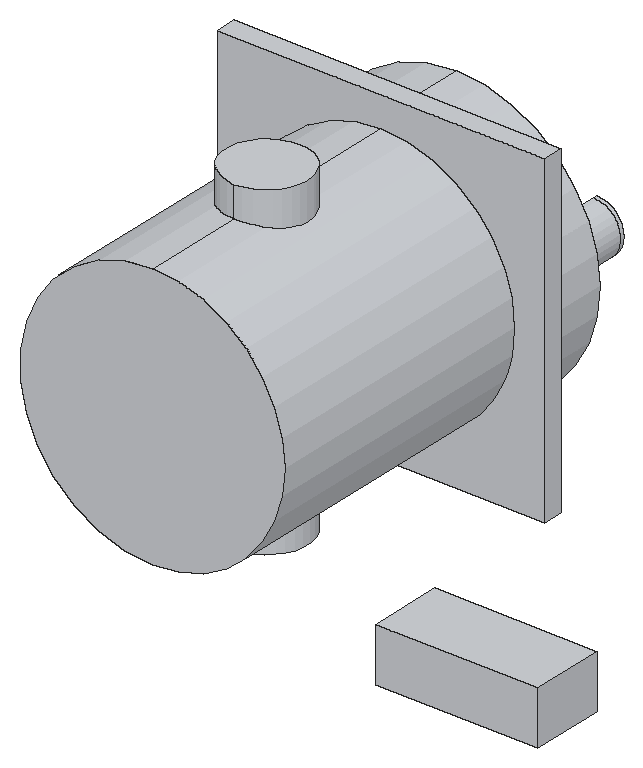
Revit family "BM_Schluesselschalter_V1700", category Brandmelder, Revit 2017
Family settings
  Beschriftungsausrichtung beibehalten = Nein
  Bemaßung runder Anschluss = Durchmesser verwenden
  Teiletyp = Normal
  OmniClass-Nummer = 23.85.30.21.11.17
  OmniClass-Titel = Other Components
  Arbeitsebenenbasiert = Nein
  Immer vertikal = Ja
  Beim Laden mit Abzugskörper schneiden = Nein
  Gemeinsam genutzt = Nein
  Raumberechnungspunkt = Nein
Parameters (values of type "Schlüsselschalter (RWA)")
  pbr_Material_KZ = ""
  pbr_Material = none
  pbr_E_Typ = ""
  pbr_E_KZ = ""
  pbr_DINBild = 0
  pbr_Bild = 0
  pbr_3Dx_Delta_Korrekturversatz [instance] = 0 mm
  pbr_3DX_Versatzfaktor [instance] = 0
  pbr_2DY_Versatzfaktor [instance] = 0
  pbr_2DX_Versatzfaktor [instance] = 0
  lfd_STRK [instance] = 0
  Zentrale [instance] = ""
  Winkel [instance] = 0.00°
  Typ [instance] = ""
  Text3 [instance] = ""
  Text2 [instance] = ""
  Text1 [instance] = ""
  Spannung [instance] = 0
  Scheinleistung [instance] = 0 VA
  Polig [instance] = 1
  Planungsbüro Osnabrück = "www.pbr.de"
  Netzart = ""
  Nennstrom [instance] = 0
  Menge (Dosenzahl) [instance] = 1
  Loop [instance] = ""
  Linie/Anschluss [instance] = ""
  Leistungsfaktor [instance] = 0
  Lastklassifizierung = none
  Installationsart = ""
  Info [instance] = ""
  Gewerk [instance] = "RWA"
  Eckversatz [instance] = 0 mm
  YFrontversatz [instance] = if(pbr_2DY_Versatzfaktor = 300, 0 mm, pbr_2DY_Versatzfaktor * 300 mm)  # 0 mm
  XSeitenversatz [instance] = if(pbr_2DX_Versatzfaktor = 0, 3000 mm, 3000 mm + (pbr_2DX_Versatzfaktor * 300 mm)) + Eckversatz  # 3000 mm
  X3Dversatz [instance] = if([3DX_Versatzkontrolle] = 0, 2000 mm, 2000 mm + ([3DX_Versatzkontrolle] * (300 mm - Breite))) + pbr_3Dx_Delta_Korrekturversatz  # 2000 mm
  R_Leerrohranschluss = 10 mm
  Niveau [instance] = 1200 mm
  Dosentiefe = 70 mm  # constant formula
  Dosenradius = 65 mm / 2  # 32.5 mm
  D_Leerrohranschluss = 2 * R_Leerrohranschluss  # 20 mm
  Bus [instance] = ""
  Breite [instance] = 80 mm
  Betriebsstrom ruhe [instance] = 0
  Betriebsstrom max [instance] = 0
  3Polig_darstellen = yes
  3DX_Versatzkontrolle [instance] = if(pbr_3DX_Versatzfaktor = 0, (pbr_2DX_Versatzfaktor * -1), (((-1 * pbr_3DX_Versatzfaktor) + pbr_2DX_Versatzfaktor) * -1))  # 0
  2Polig_darstellen = yes
  Platzierrahmen [instance] = no
Reference planes
  plane 1 "Mitte (Vorne/Hinten)": y = 0
  plane 2: z = 0
  plane 3 "Mitte (Links/Rechts)": x = 0
  plane 4: x = -125
  plane 5: x = 125
  plane 6: y = 300
  plane 7 "Schalterhinten": y = 0
  plane 8: x = -3000
  plane 9: x = 0
  plane 10: x = -2000
  plane 11: x = -40
  plane 12: x = 40
  plane 13: z = 1240
  plane 14: z = 1160
  plane 15 "SchalterVorne": y = 5
  plane 16 "3DSchalterMitte": x = 0
  plane 17: z = 1200
  plane 18: y = -70
  plane 19: y = -35
  plane 20: x = 61.564
Forms (mm)
  Extrusion 1, solid
    sketch origin (0, 0, 0) x (-1, 0, 0) y (0, 0, 1)
      loop
        line (40, 1160) -> (40, 1240) -> (-40, 1240) -> (-40, 1160) -> (40, 1160)
    from 5 to 0
  Sweep 2, solid
    path origin (0, 0, 0) x (0, 0, 1) y (0, -1, 0)
      loop
        line (1200, 0) -> (1200, 70)
    profile origin (0, -35, 1200) x (0, 0, -1) y (1, 0, 0)
      loop
        circle (0, 0) r 32.5
  Sweep 3, solid
    path origin (0, 0, 0) x (0, 0, 1) y (0, -1, 0)
      loop
        line (1160, 35) -> (1240, 35)
    profile origin (0, -35, 1200) x (0, -1, 0) y (1, 0, 0)
      loop
        circle (0, 0) r 10
  Extrusion 4, solid
    sketch origin (1395, 5, 1100) x (0, 0, 1) y (1, 0, 0)
      loop
        circle (100, -1395) r 35
    from 0 to 18.02
  Extrusion 5, void
    sketch origin (-1090, 5, 0) x (0, 0, 1) y (-1, 0, 0)
      loop
        circle (1200, -1090) r 35
    from 0 to -18.02
  Extrusion 6, solid
    sketch origin (1016.182, 23.12, 1496.771) x (1, 0, 0) y (0, 1, 0)
      loop
        line (-996.339, -0.1) -> (-996.339, 18.02) -> (-1036.025, 18.02) -> (-1036.025, -0.1) -> (-996.339, -0.1)
    from -403.386 to -390.157
  Extrusion 7, solid
    sketch origin (1070.157, 41.14, 1093.386) x (0, 0, 1) y (1, 0, 0)
      loop
        arc (100, -1090) -> (106.614, -1096.614) -> (113.229, -1090) r 6.614
        line (113.229, -1090) -> (106.614, -1090) -> (100, -1090)
    from -1 to 0
  Extrusion 8, solid
    sketch origin (1109.843, 23.12, 1106.614) x (0, 0, 1) y (1, 0, 0)
      loop
        arc (100, -1090) -> (93.386, -1083.386) -> (86.771, -1090) r 6.614
        line (86.771, -1090) -> (87.571, -1090)
        arc (87.571, -1090) -> (93.386, -1084.186) -> (99.2, -1090) r 5.814
        line (99.2, -1090) -> (100, -1090)
    from -0.1 to 17.02
  Extrusion 9, solid
    sketch origin (1070.157, 23.12, 1093.386) x (0, 0, 1) y (1, 0, 0)
      loop
        arc (100, -1090) -> (106.614, -1096.614) -> (113.229, -1090) r 6.614
        line (113.229, -1090) -> (112.429, -1090)
        arc (112.429, -1090) -> (106.614, -1095.814) -> (100.8, -1090) r 5.814
        line (100.8, -1090) -> (100, -1090)
    from -0.1 to 17.02
  Extrusion 10, solid
    sketch origin (1449.843, 41.14, 293.386) x (0, 0, 1) y (1, 0, 0)
      loop
        line (900, -1430) -> (906.614, -1430) -> (913.229, -1430)
        arc (913.229, -1430) -> (906.614, -1423.386) -> (900, -1430) r 6.614
    from -1 to 0
Cuts and joins
  joined: Extrusion 1, Sweep 2, Sweep 3, Extrusion 4, Extrusion 6, Extrusion 7, Extrusion 8, Extrusion 9, Extrusion 10
Lines and regions (mm)
  model lines, visible <- "Platzierrahmen"
    curve 1: line (-125, 0, 0) -> (125, 0, 0)
    curve 2: line (-125, 300, 0) -> (-125, 0, 0)
    curve 3: line (125, 300, 0) -> (-125, 300, 0)
    curve 4: line (125, 0, 0) -> (125, 300, 0)
Dimensions and locks
  plane 4 to plane 5 = 250 mm
  plane 6 to plane 7 "Schalterhinten" = 300 mm
  equal spacing: plane 4, plane 9, plane 5, locked at 125 each
  "XSeitenversatz": plane 8 to plane 9
  plane 8 to plane 3 "Mitte (Links/Rechts)" = 3000 mm
  "YFrontversatz": plane 1 "Mitte (Vorne/Hinten)" to plane 7 "Schalterhinten"
  plane 12 to plane 11 = 80 mm
  plane 13 to plane 14 = 80 mm
  plane 9 to plane 10 = 2000 mm
  equal spacing: plane 12, plane 16 "3DSchalterMitte", plane 11
  "X3Dversatz": plane 16 "3DSchalterMitte" to plane 10
  equal spacing: plane 13, plane 17, plane 14
  "Niveau": plane 17 to level
  "Dosentiefe": plane 1 "Mitte (Vorne/Hinten)" to plane 18
  plane 15 "SchalterVorne" to plane 1 "Mitte (Vorne/Hinten)" = 5 mm
  equal spacing: plane 18, plane 19, plane 1 "Mitte (Vorne/Hinten)"
  plane 9 to plane 20 = 61.564 mm
  "Breite": cut or joined group 1 (Extrusion 1, Sweep 2, Sweep 3, Extrusion 4, Extrusion 6, Extrusion 7, Extrusion 8, Extrusion 9, Extrusion 10) to cut or joined group 1
  "Dosenradius": radius of Sweep 2 sketch curve
  "R_Leerrohranschluss": radius of Sweep 3 sketch curve
  aligned and locked: level to plane 2
  aligned and locked: curve 1 to plane 7 "Schalterhinten"
  aligned and locked: curve 2 to plane 4
  aligned and locked: plane 6 to curve 3
  aligned and locked: plane 5 to curve 4
  aligned and locked: plane 14 to Extrusion 1 sketch curve
  aligned and locked: Extrusion 1 sketch curve to plane 11
  aligned and locked: Extrusion 1 sketch curve to plane 13
  aligned and locked: plane 12 to Extrusion 1 sketch curve
  aligned and locked: Extrusion 1 to plane 1 "Mitte (Vorne/Hinten)"
  aligned and locked: Extrusion 1 to plane 15 "SchalterVorne"
  aligned and locked: Extrusion 5 to Extrusion 1
  aligned and locked: Extrusion 4 to Extrusion 5
  aligned and locked: Extrusion 8 to Extrusion 4
  aligned and locked: Extrusion 9 to Extrusion 7
  aligned and locked: Extrusion 4 to Extrusion 1
  aligned and locked: cut or joined group 1 to cut or joined group 1  (x4)
  aligned and locked: cut or joined group 1 to Extrusion 5
  aligned and locked: plane 16 "3DSchalterMitte" to Extrusion 5
  aligned and locked: plane 16 "3DSchalterMitte" to cut or joined group 1
  aligned and locked: nested 1 to plane 7 "Schalterhinten"
  aligned and locked: nested 1 to plane 9
Automatic sketch dimensions
  Sweep 2 sketch curve to plane 17 = 0 mm
  Sweep 2 sketch curve to plane 1 "Mitte (Vorne/Hinten)" = 0 mm
  Sweep 2 sketch curve to plane 18 = 0 mm
  Sweep 2 sketch curve to plane 16 "3DSchalterMitte" = 0 mm
  Sweep 2 sketch curve to profile plane = 0 mm
  Sweep 3 sketch curve to plane 14 = 0 mm
  plane 13 to Sweep 3 sketch curve = 0 mm
  Sweep 3 sketch curve to plane 19 = 0 mm
  Sweep 3 sketch curve to plane 16 "3DSchalterMitte" = 0 mm
  Sweep 3 sketch curve to profile plane = 0 mm
  Extrusion 10 sketch curve to Extrusion 10 sketch curve = 6.614 mm
  Extrusion 4 sketch curve to Extrusion 4 sketch curve = 35 mm
  Extrusion 5 sketch curve to Extrusion 5 sketch curve = 35 mm
  Extrusion 6 sketch curve to Extrusion 6 sketch curve = 39.686 mm
  Extrusion 6 sketch curve to Extrusion 6 sketch curve = 18.12 mm
  Extrusion 7 sketch curve to Extrusion 7 sketch curve = 6.614 mm
  Extrusion 7 sketch curve to Extrusion 7 sketch curve = 0 mm
  Extrusion 8 sketch curve to Extrusion 8 sketch curve = 0 mm  (x3)
  Extrusion 8 sketch curve to Extrusion 8 sketch curve = 0.8 mm
  Extrusion 8 sketch curve to Extrusion 8 sketch curve = 5.814 mm
  Extrusion 9 sketch curve to Extrusion 9 sketch curve = 0 mm  (x3)
  Extrusion 9 sketch curve to Extrusion 9 sketch curve = 0.8 mm
  Extrusion 9 sketch curve to Extrusion 9 sketch curve = 5.814 mm
  Extrusion 10 sketch curve to Extrusion 10 sketch curve = 0 mm
  Extrusion 4 sketch curve to Extrusion 4 sketch curve = 0 mm  (x2)
  Extrusion 4 sketch curve to plane 17 = 0 mm
  Extrusion 4 sketch curve to plane 12 = 40 mm
  Extrusion 5 sketch curve to Extrusion 5 sketch curve = 0 mm  (x2)
  Extrusion 5 sketch curve to plane 17 = 0 mm
  Extrusion 5 sketch curve to plane 12 = 40 mm
  Extrusion 6 sketch curve to plane 15 "SchalterVorne" = 18.02 mm
  Extrusion 6 sketch curve to plane 12 = 59.843 mm
  Extrusion 7 sketch curve to plane 17 = 0 mm
  Extrusion 7 sketch curve to plane 12 = 59.843 mm
  Extrusion 8 sketch curve to plane 17 = 0 mm
  Extrusion 8 sketch curve to plane 12 = 20.157 mm
  Extrusion 9 sketch curve to plane 17 = 0 mm
  Extrusion 9 sketch curve to plane 12 = 59.843 mm
  Extrusion 10 sketch curve to plane 17 = 0 mm
  Extrusion 10 sketch curve to plane 12 = 20.157 mm
Nested families
  nested 1: "Schlüsselschalter RWA" at (0, 0, 0), type "Schlüsselschalter RWA"
Connectors
  electrical at (0, -35, 1240)
    settings: on cut or joined group 1, index 1, voltage 230 V, apparent load 0 VA, apparent load phase1 0 VA, apparent load phase2 0 VA, apparent load phase3 0 VA, power factor 1, load classification "Standard", number of poles 1, system type 11, power factor state 1, is connector primary yes, connector utility no, sub classification motor no, connector description ""
  cabletrayconduit at (0, -35, 1240), diameter 20
    settings: on cut or joined group 1, index 2, connector width 300 mm, connector height 300 mm, connector angle 0.00°, system type 32, placement type 0, profile type 0, connector reference index -1, is primary connector yes, connector utility param no, connector description ""
  cabletrayconduit at (0, -35, 1160), diameter 20
    settings: on cut or joined group 1, index 3, connector width 300 mm, connector height 300 mm, connector angle 0.00°, system type 32, placement type 0, profile type 0, connector reference index -1, is primary connector no, connector utility param no, connector description ""
Definition of nested family "Schlüsselschalter RWA"
  Parameters (values of type "Schlüsselschalter RWA")
    W = yes
    R = yes
    A = yes
  Reference planes
    plane 1 "Mitte (Vorne/Hinten)": y = 0
    plane 2: z = 0
    plane 3 "Mitte (Links/Rechts)": x = 0
  Lines and regions (mm)
    Filled region 1, type "Beton", in view "Referenzebene", visible <- "R"
      outline origin (-530.786, -942.626, 0) x (1, 0, 0) y (0, 1, 0)
        loop
          line (713.794, 1100.728) -> (713.794, 1041.738) -> (778.794, 1041.738)
          arc (778.794, 1041.738) -> (808.289, 1071.233) -> (778.794, 1100.728) r 29.495
          line (778.794, 1100.728) -> (713.794, 1100.728)
        loop
          line (690.435, 1120.011) -> (690.435, 942.626) -> (713.812, 942.626) -> (713.812, 1021.355) -> (743.347, 1021.355)
          spline (743.347, 1021.355) -> (751.614, 1020.86) -> (756.113, 1019.813) -> (759.33, 1018.707) -> (762.096, 1017.398) -> (764.706, 1015.734) -> (767.134, 1013.913) -> (769.382, 1012.01) -> (771.552, 1009.882) -> (773.807, 1007.385) -> (776.374, 1004.38) -> (779.743, 1000.215) -> (784.766, 993.509)
          line (784.766, 993.509) -> (816.561, 942.626) -> (846.561, 942.626) -> (821.191, 983.227)
          spline (821.191, 983.227) -> (816.586, 989.79) -> (812.548, 995.47) -> (808.977, 1000.333) -> (805.775, 1004.443) -> (802.869, 1007.863) -> (800.322, 1010.622) -> (798.247, 1012.742) -> (796.706, 1014.271) -> (795.338, 1015.488) -> (793.55, 1016.814) -> (790.594, 1018.833) -> (782.879, 1023.344)
          arc (782.879, 1023.344) -> (831.213, 1071.678) -> (782.879, 1120.011) r 48.334
          line (782.879, 1120.011) -> (690.435, 1120.011)
    Filled region 2, type "Beton", in view "Referenzebene", visible <- "W"
      outline origin (-1191.03, -942.705, 0) x (1, 0, 0) y (0, 1, 0)
        loop
          line (1503.078, 1120.011) -> (1550.609, 942.626) -> (1575.609, 942.626) -> (1617.02, 1097.174) -> (1660.016, 942.626) -> (1682.628, 942.626) -> (1731.515, 1120.011) -> (1707.699, 1120.011) -> (1670.925, 967.348) -> (1631.736, 1120.011) -> (1602.624, 1120.011) -> (1561.76, 967.501) -> (1527.253, 1120.011) -> (1503.078, 1120.011)
    Filled region 3, type "Beton", in view "Referenzebene", visible <- "A"
      outline origin (2630.838, -942.626, 0) x (1, 0, 0) y (0, 1, 0)
        loop
          line (-2102.291, 942.626) -> (-2077.464, 942.626) -> (-2057.901, 996.376) -> (-1983.637, 996.376) -> (-1962.821, 942.626) -> (-1936.216, 942.626) -> (-2008.949, 1120.011) -> (-2033.949, 1120.011) -> (-2102.291, 942.626)
        loop
          line (-2051.01, 1015.307) -> (-1990.968, 1015.307) -> (-2022.201, 1101.118) -> (-2051.01, 1015.307)
    detail lines, in view "Referenzebene"
      curve 1: arc (-259.671, 177.366, 0) -> (-282.021, 261.423, 0) -> (-304.372, 177.366, 0) r 45
      curve 2: line (147.934, 0, 0) -> (147.934, 300, 0)
      curve 3: line (147.934, 300, 0) -> (-152.066, 300, 0)
      curve 4: line (-152.066, 300, 0) -> (-152.066, 0, 0)
      curve 5: line (-152.066, 0, 0) -> (147.934, 0, 0)
      curve 6: line (-304.372, 177.366, 0) -> (-349.521, 81.423, 0)
      curve 7: line (-349.521, 81.423, 0) -> (-214.521, 81.423, 0)
      curve 8: line (-214.521, 81.423, 0) -> (-259.671, 177.366, 0)
      curve 9: line (-152.066, 150, 0) -> (-244.376, 150, 0)
      curve 10: line (-110.066, 258, 0) -> (105.934, 258, 0)
      curve 11: line (105.934, 258, 0) -> (105.934, 42, 0)
      curve 12: line (105.934, 42, 0) -> (-110.066, 42, 0)
      curve 13: line (-110.066, 42, 0) -> (-110.066, 258, 0)
